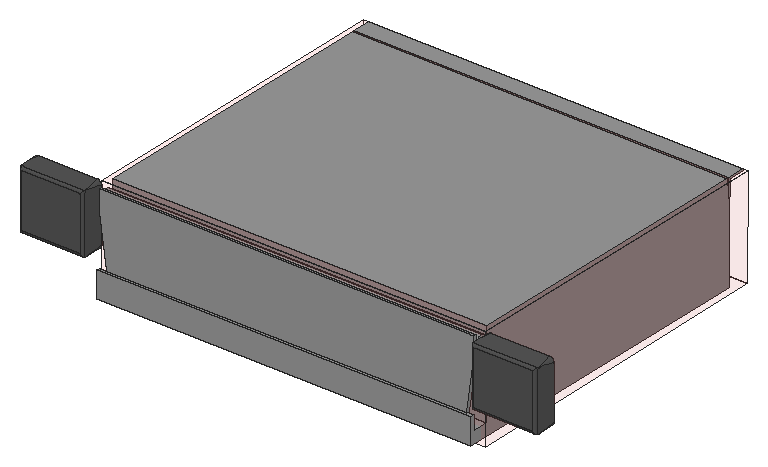
Revit family "Dock_Leveler_Nova-Tech_NAS", category Generic Models, Revit 2017
Family settings
  Can host rebar = No
  Round Connector Dimension = Use Diameter
  Part Type = Normal
  OmniClass Number = 23.50.70.14
  OmniClass Title = Dock Levelers
  Work Plane-Based = Yes
  Always vertical = No
  Cut with Voids When Loaded = No
  Shared = No
  Room Calculation Point = No
Parameters
  Weather Seals [instance] = "[Rubber][Brush]"
  Wattage [instance] = 1400 W
  Warranty Duration (Years) = 0
  Voltage [instance] = 115 V
  Unit Width = 6' - 0"
  Unit Length = Pit Length + 0' 2 1/2"  # 5' - 5 1/2"
  Unit Depth = 1' - 7"
  URL = "http://www.novalocks.com/"
  Test Data = ""
  Steel Pan_4 Sided [instance] = no
  Steel Pan_3 Sided [instance] = no
  Specification = "http://arcat.com/arcatcos/cos43/arc43493.html?isac=1&r=2"
  SpecWizard = ""
  Send Message = "http://www.arcat.com/users.pl?action=UserEmail&company=Nova+Technology&coid=43493&rep=132&fax=262-502-1511&mf="
  Sales Information = "http://www.novalocks.com/general-contact-info/"
  Safety Barrier Lip [instance] = no
  Revision = "R1_04-2013"
  Product Properties = ""
  Product Data = "http://arcat.com/arcatcos/cos43/arc43493.html?isac=1&r=2"
  Pit Width = 6' - 2"
  Pit Length = 5' - 3"
  Pit Depth_Rear = Pit Depth_Front - 0' 0 1/2"  # 1' - 7 1/2"
  Pit Depth_Front = 1' - 8"
  Number of Poles [instance] = 1
  Model = "As Specified"
  Manufacturer Website = "http://www.novalocks.com/"
  Manufacturer Phone - Toll Free = "800-236-7325"
  Manufacturer Phone = "262-502-1591"
  Manufacturer Fax = "262-502-1511"
  Manufacturer Address = "N90 W14507 Commerce Dr. Menomonee Falls, WI 53051"
  Manufacturer = "Nova Technology"
  Maintenance Schedule (Months) = 0
  Lip Size [instance] = 1' - 4"
  Keynote = "11160"
  Installation-Fabrication = ""
  Installation Phase = ""
  Green Building-LEED = ""
  Foam Insulated Deck [instance] = no
  Fixture Material = Metal - Nova - Gray
  Expected Lifespan (Years) = 0
  Drawn By = "Sumex Design, Inc. / Robert S. Weygant, CSI, CDT, SCIP"
  Description = "Nova Technology Dock Product as Specified"
  Default Elevation = 0' - 0"
  Copyright = "©Arcat Inc."
  Construction Details = ""
  Clearance Visible [instance] = yes
  Capacity = "as Specified"
  Bumper Type [instance] = 4x12x13 Molded Bumper : 4x12x13 Molded Bumper
  Bumper Color [instance] = Rubber - Nova - Black
  Building Codes = ""
  Assembly Code = "E1030300"
  Apparant Power [instance] = 0 VA
  Amperage [instance] = 11 A
  3-Wheel Fork Truck Support [instance] = no
  24 inch Pit Kit [instance] = no
Reference planes (in)
  plane 1 "Interior Pit Edge": y = 0
  plane 2 "Host": z = 0
  plane 3 "Center (Left/Right)": x = 0
  plane 4 "OH": y = -65.5
  plane 5: x = -36
  plane 6: x = 36
  plane 7: z = 20
  plane 8: z = 0.5
  plane 9: z = 1
  plane 10: x = -37
  plane 11: x = 37
  plane 12: y = -63
  plane 13: y = -3.5
Forms (in)
  Extrusion 1, solid, material "Metal - Nova - Gray" <- "Fixture Material"
    sketch origin (0, 0, 0) x (1, 0, 0) y (0, 1, 0)
      loop
        line (-36, -3.5) -> (-36, -61.625) -> (36, -61.625) -> (36, -3.5) -> (-36, -3.5)
    from 1 to 20
  Extrusion 2, solid, material "Metal - Nova - Gray" <- "Fixture Material"
    sketch origin (0, 0, 0) x (0, 1, 0) y (0, 0, 1)
      loop
        line (-61.625, 18.4375) -> (-62.10058, 18.4375)
        arc (-62.10058, 18.4375) -> (-62.96875, 18.93936) -> (-63.83692, 18.4375) r 1.00186
        line (-63.83692, 18.4375) -> (-64.3125, 18.4375) -> (-64.3125, 17.4375) -> (-63.83692, 17.4375)
        arc (-63.83692, 17.4375) -> (-62.96875, 16.93564) -> (-62.10058, 17.4375) r 1.00186
        line (-62.10058, 17.4375) -> (-61.625, 17.4375) -> (-61.625, 18.4375)
    from -36 to 36
  Extrusion 3, solid, material "Metal - Nova - Gray" <- "Fixture Material"
    sketch origin (0, 0, 0) x (0, 1, 0) y (0, 0, 1)
      loop
        line (-61.625, 1) -> (-61.625, 3.25) -> (-64.75, 3.25) -> (-64.75, 6) -> (-65.5, 6) -> (-65.5, 1) -> (-61.625, 1)
    from -36 to 36
  Extrusion 4, solid, material "Metal - Nova - Gray" <- "Fixture Material"
    sketch origin (-11.94222, -65.5, 48) x (-1, 0, 0) y (0, 0, 1)
      loop
        line (24.05778, -28.31064) -> (-47.94222, -28.31064) -> (-47.94222, -32.31064) -> (-46.19398, -44.75) -> (22.30954, -44.75) -> (24.05778, -32.31064) -> (24.05778, -28.31064)
    from 0.75 to 1.1875
  Extrusion 5, solid, material "Metal - Nova - Gray" <- "Fixture Material"
    sketch origin (0, 0, 0) x (0, 1, 0) y (0, 0, 1)
      loop
        line (-3.5, 20) -> (-3.5, 16.5) -> (-3.125, 16.5) -> (-3.125, 19.625) -> (0, 19.625) -> (0, 20) -> (-3.5, 20)
    from -36 to 36
  Extrusion 6, void
    sketch origin (0, 0, 0) x (0, 1, 0) y (0, 0, 1)
      loop
        line (-3.5, 20) -> (-3.875, 20) -> (-3.875, 18.75) -> (-3.5, 18.75) -> (-3.5, 20)
    from -36 to 36
  Extrusion 7, solid, visible <- "Clearance Visible"
    sketch origin (65.95756, -35.6525, 0) x (0, 1, 0) y (0, 0, 1)
      loop
        line (35.6525, 0.5) -> (35.6525, 20) -> (-27.3475, 20) -> (-27.3475, 0) -> (35.6525, 0.5)
    from -102.95756 to -28.95756
Cuts and joins
  Extrusion 6 cuts Extrusion 1
  Extrusion 6 cuts Extrusion 3
  joined: Extrusion 1, Extrusion 3
  Extrusion 6 cuts Extrusion 5
Lines and regions (in)
  reference lines
    curve 1: line (0, 0, 0.5) -> (0, -63, 0)
Dimensions and locks (in)
  equal spacing: plane 5, plane 3 "Center (Left/Right)", plane 6
  "Unit Width": plane 5 to plane 6
  "Unit Length": plane 4 "OH" to plane 1 "Interior Pit Edge"
  locked: plane 8 to level at 0.5
  "Pit Depth_Front": plane 7 to level
  "Unit Depth": plane 7 to plane 9
  equal spacing: plane 10, plane 3 "Center (Left/Right)", plane 11
  "Pit Width": plane 10 to plane 11
  "Pit Length": plane 12 to plane 1 "Interior Pit Edge"
  locked: plane 13 to plane 1 "Interior Pit Edge" at 3.5
  locked: Extrusion 1 sketch curve to plane 12 at 1.375
  plane 4 "OH" to Extrusion 2 sketch curve to Extrusion 2 sketch curve to Extrusion 2 sketch curve = 0' - 1 3/16" locked, 0' - 1 11/32" locked, 0' - 1 11/32" locked
  Extrusion 3 sketch curve to Extrusion 3 sketch curve to plane 9 = 0' - 2 3/4" locked, 0' - 2 1/4" locked
  plane 4 "OH" to Extrusion 3 sketch curve to Extrusion 3 sketch curve = 0' - 0 3/4" locked, 0' - 3 1/8" locked
  plane 7 to Extrusion 4 sketch curve to Extrusion 4 sketch curve to Extrusion 4 sketch curve = 0' - 0.31064" locked, 0' - 4" locked, 1' - 0.43936" locked
  locked: plane 7 to Extrusion 4 sketch curve at 4.31064
  plane 7 to Extrusion 5 sketch curve to Extrusion 5 sketch curve = 0' - 0 3/8" locked, 0' - 3 1/8" locked
  locked: Extrusion 6 sketch curve to plane 13 at 0.375
  locked: plane 7 to Extrusion 6 sketch curve at 1.25
  aligned and locked: plane 12 to curve 1
  aligned and locked: level to curve 1
  aligned and locked: plane 1 "Interior Pit Edge" to curve 1
  aligned and locked: plane 8 to curve 1
  aligned and locked: plane 5 to Extrusion 1 sketch curve
  aligned and locked: Extrusion 1 sketch curve to plane 13
  aligned and locked: Extrusion 1 sketch curve to plane 6
  aligned and locked: plane 7 to Extrusion 1
  aligned and locked: Extrusion 1 to plane 9
  aligned and locked: plane 6 to Extrusion 2
  aligned and locked: Extrusion 2 to plane 5
  aligned and locked: plane 4 "OH" to Extrusion 3 sketch curve
  aligned and locked: plane 9 to Extrusion 3 sketch curve
  aligned and locked: plane 6 to Extrusion 3
  aligned and locked: Extrusion 3 to plane 5
  aligned and locked: Extrusion 5 sketch curve to plane 7
  aligned and locked: plane 6 to Extrusion 6
  aligned and locked: Extrusion 6 to plane 5
  aligned and locked: plane 6 to Extrusion 5
  aligned and locked: Extrusion 5 to plane 5
  aligned and locked: plane 1 "Interior Pit Edge" to Extrusion 7 sketch curve
  aligned and locked: Extrusion 7 sketch curve to plane 7
  aligned and locked: plane 12 to Extrusion 7 sketch curve
  aligned and locked: Extrusion 7 sketch curve to curve 1
  aligned and locked: Extrusion 7 to plane 10
  aligned and locked: plane 11 to Extrusion 7
  aligned and locked: nested 1 to plane 10
  aligned and locked: nested 1 to plane 7
  aligned and locked: nested 2 to plane 11
  aligned and locked: nested 2 to plane 7
Automatic sketch dimensions
  Extrusion 2 sketch curve to Extrusion 2 sketch curve = 0' - 0.47558"
  Extrusion 2 sketch curve to Extrusion 2 sketch curve = 0' - 0"  (x5)
  Extrusion 2 sketch curve to plane 7 = 0' - 2 9/16"
  Extrusion 2 sketch curve to Extrusion 2 sketch curve = 0' - 0 1/2"
  Extrusion 2 sketch curve to Extrusion 2 sketch curve = 0' - 1"
  Extrusion 4 sketch curve to plane 6 = 0' - 0"
  Extrusion 4 sketch curve to plane 5 = 0' - 0"
  Extrusion 4 sketch curve to plane 6 = 0' - 1.74824"
  plane 5 to Extrusion 4 sketch curve = 0' - 1.74824"
  Extrusion 5 sketch curve to plane 13 = 0' - 0"
  Extrusion 5 sketch curve to plane 1 "Interior Pit Edge" = 0' - 0"
  plane 13 to Extrusion 5 sketch curve = 0' - 0 3/8"
  Extrusion 6 sketch curve to plane 7 = 0' - 0"
  Extrusion 6 sketch curve to plane 13 = 0' - 0"
Nested families (in)
  nested 1: "4x12x13 Molded Bumper" at (-43.5, -63, 14) x (1, 0, 0) z (0, -1, 0), material <- "Bumper Color", type <- "Bumper Type", type "4x12x13 Molded Bumper"
    with material Rubber - Nova - Black
  nested 2: "4x12x13 Molded Bumper" at (43.5, -63, 14) x (1, 0, 0) z (0, -1, 0), material <- "Bumper Color", type <- "Bumper Type", type "4x12x13 Molded Bumper"
    with material Rubber - Nova - Black
Connectors (in)
  electrical at (0, -34.5, 1)
    settings: on cut or joined group of Extrusion 1, Extrusion 3, Extrusion 6, index 1, voltage 0 V, apparent load 0 VA, apparent load phase1 0 VA, apparent load phase2 0 VA, apparent load phase3 0 VA, power factor 1, load classification "Other", number of poles 1, system type 13, power factor state 1, is connector primary yes, connector utility no, sub classification motor no, connector description ""
  electrical at (0, -3.5, 9.875), driven by "Number of Poles", driven by "Voltage", driven by "Apparant Power"
    settings: on cut or joined group of Extrusion 1, Extrusion 3, Extrusion 6, index 2, voltage 115 V, apparent load 0 VA, apparent load phase1 0 VA, apparent load phase2 0 VA, apparent load phase3 0 VA, power factor 1, load classification "Power", number of poles 1, system type 31, power factor state 1, is connector primary no, connector utility no, sub classification motor no, connector description ""
Definition of nested family "4x12x13 Molded Bumper"
  Parameters
    material [instance] = none
    Default Elevation = 4' - 0"
    Assembly Code = ""
  Reference planes (in)
    plane 1 "Center (Front/Back)": y = 0
    plane 2: z = 0
    plane 3 "Center (Left/Right)": x = 0
    plane 4: x = -6.5
    plane 5: x = 6.5
    plane 6: y = 6
    plane 7: y = -6
  Forms (in)
    Sweep 1, solid, material <- "material"
      path origin (0, 0, 0) x (1, 0, 0) y (0, 1, 0)
        loop
          line (-6.5, 6) -> (-6.5, -6) -> (6.5, -6) -> (6.5, 6) -> (-6.5, 6)
      profile origin (0, 6, 0) x (0, 1, 0) y (0, 0, 1)
        loop
          line (0, 0) -> (-0.31002, 3.54358)
          arc (-0.31002, 3.54358) -> (-0.47033, 3.86864) -> (-0.80812, 4) r 0.5
          line (-0.80812, 4) -> (-1.05812, 4) -> (-1.05812, 0) -> (0, 0)
    Extrusion 2, void
      sketch origin (0, 0, 0) x (1, 0, 0) y (0, 1, 0)
        loop
          line (-6.5, 6) -> (-6.5, 5)
          arc (-6.5, 5) -> (-6.20711, 5.70711) -> (-5.5, 6) r 1
          line (-5.5, 6) -> (-6.5, 6)
        loop
          line (6.5, 6) -> (5.5, 6)
          arc (5.5, 6) -> (6.20711, 5.70711) -> (6.5, 5) r 1
          line (6.5, 5) -> (6.5, 6)
        loop
          line (-6.5, -6) -> (-5.5, -6)
          arc (-5.5, -6) -> (-6.20711, -5.70711) -> (-6.5, -5) r 1
          line (-6.5, -5) -> (-6.5, -6)
        loop
          line (6.5, -6) -> (6.5, -5)
          arc (6.5, -5) -> (6.20711, -5.70711) -> (5.5, -6) r 1
          line (5.5, -6) -> (6.5, -6)
      from 0 to 12
    Extrusion 3, solid, material <- "material"
      sketch origin (0, 0, 0) x (1, 0, 0) y (0, 1, 0)
        loop
          line (-5.44188, 4.94188) -> (-5.44188, -4.94188) -> (5.44188, -4.94188) -> (5.44188, 4.94188) -> (-5.44188, 4.94188)
      from 0 to 4
  Cuts and joins
    Extrusion 2 cuts Sweep 1
    joined: Sweep 1, Extrusion 3
  Dimensions and locks (in)
    aligned and locked: level to plane 2
